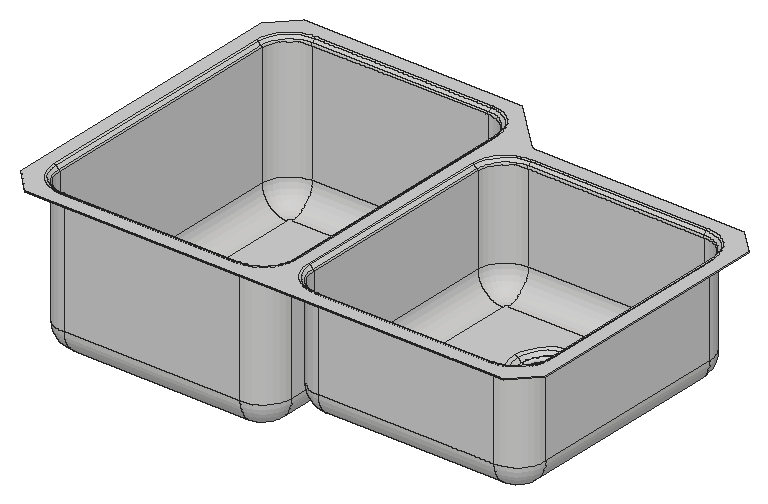
Revit family "Sink-Undermount-Kitchen-KOHLER-Undertone-K-3177", category Plumbing Fixtures, host Face, Revit 2017 (continued)
Definition of nested family "K-3177"
  Lines and regions (in)
    symbolic lines, detail levels medium+fine
      curve 48: arc (-8.96645, 1.76136, 0) -> (-8.87157, 1.66648, 0) -> (-8.77669, 1.76136, 0) r 0.09488
      curve 49: arc (-8.68028, 2.02623, 0) -> (-8.77516, 2.12112, 0) -> (-8.87004, 2.02623, 0) r 0.09488
      curve 50: arc (-8.87004, 2.02623, 0) -> (-8.77516, 1.93135, 0) -> (-8.68028, 2.02623, 0) r 0.09488
      curve 51: arc (-8.30282, 2.03569, 0) -> (-8.3977, 2.13057, 0) -> (-8.49259, 2.03569, 0) r 0.09488
      curve 52: arc (-8.49259, 2.03569, 0) -> (-8.3977, 1.9408, 0) -> (-8.30282, 2.03569, 0) r 0.09488
      curve 53: arc (-8.09234, 2.24616, 0) -> (-8.18723, 2.34105, 0) -> (-8.28211, 2.24616, 0) r 0.09488
      curve 54: arc (-8.28211, 2.24616, 0) -> (-8.18723, 2.15128, 0) -> (-8.09234, 2.24616, 0) r 0.09488
      curve 55: arc (-8.43307, 1.76864, 0) -> (-8.52796, 1.86353, 0) -> (-8.62284, 1.76864, 0) r 0.09488
      curve 56: arc (-8.62284, 1.76864, 0) -> (-8.52796, 1.67376, 0) -> (-8.43307, 1.76864, 0) r 0.09488
      curve 57: arc (-7.82972, 2.3837, 0) -> (-7.9246, 2.47858, 0) -> (-8.01948, 2.3837, 0) r 0.09488
      curve 58: arc (-8.01948, 2.3837, 0) -> (-7.9246, 2.28882, 0) -> (-7.82972, 2.3837, 0) r 0.09488
      curve 59: arc (-7.53012, 2.43, 0) -> (-7.625, 2.52488, 0) -> (-7.71988, 2.43, 0) r 0.09488
      curve 60: arc (-7.71988, 2.43, 0) -> (-7.625, 2.33512, 0) -> (-7.53012, 2.43, 0) r 0.09488
      curve 61: arc (-7.53012, 2.09695, 0) -> (-7.625, 2.19184, 0) -> (-7.71988, 2.09695, 0) r 0.09488
      curve 62: arc (-7.71988, 2.09695, 0) -> (-7.625, 2.00207, 0) -> (-7.53012, 2.09695, 0) r 0.09488
      curve 63: arc (-7.84216, 2.01334, 0) -> (-7.93704, 2.10823, 0) -> (-8.03192, 2.01334, 0) r 0.09488
      curve 64: arc (-8.03192, 2.01334, 0) -> (-7.93704, 1.91846, 0) -> (-7.84216, 2.01334, 0) r 0.09488
      curve 65: arc (-8.26132, 1.78395, 0) -> (-8.16644, 1.68906, 0) -> (-8.07156, 1.78395, 0) r 0.09488
      curve 66: arc (-8.07156, 1.78395, 0) -> (-8.16644, 1.87883, 0) -> (-8.26132, 1.78395, 0) r 0.09488
      curve 67: arc (-8.34497, 1.47176, 0) -> (-8.25009, 1.37688, 0) -> (-8.15521, 1.47176, 0) r 0.09488
      curve 68: arc (-8.15521, 1.47176, 0) -> (-8.25009, 1.56664, 0) -> (-8.34497, 1.47176, 0) r 0.09488
      curve 69: arc (-8.48489, 1.46953, 0) -> (-8.57977, 1.56441, 0) -> (-8.67465, 1.46953, 0) r 0.09488
      curve 70: arc (-8.67465, 1.46953, 0) -> (-8.57977, 1.37465, 0) -> (-8.48489, 1.46953, 0) r 0.09488
      curve 71: arc (-9.00228, 1.46953, 0) -> (-8.9074, 1.37465, 0) -> (-8.81252, 1.46953, 0) r 0.09488
      curve 72: arc (-8.81252, 1.46953, 0) -> (-8.9074, 1.56441, 0) -> (-9.00228, 1.46953, 0) r 0.09488
      curve 73: arc (-6.9755, 2.62587, 0) -> (-7.07039, 2.53098, 0) -> (-7.16527, 2.62587, 0) r 0.09488
      curve 74: arc (-7.16527, 2.62587, 0) -> (-7.07039, 2.72075, 0) -> (-6.9755, 2.62587, 0) r 0.09488
      curve 75: arc (-7.4335, 2.72349, 0) -> (-7.33862, 2.81838, 0) -> (-7.24373, 2.72349, 0) r 0.09488
      curve 76: arc (-7.24373, 2.72349, 0) -> (-7.33862, 2.62861, 0) -> (-7.4335, 2.72349, 0) r 0.09488
      curve 77: arc (-6.91574, 2.46994, 0) -> (-6.82086, 2.56482, 0) -> (-6.72597, 2.46994, 0) r 0.09488
      curve 78: arc (-6.72597, 2.46994, 0) -> (-6.82086, 2.37506, 0) -> (-6.91574, 2.46994, 0) r 0.09488
      curve 79: arc (-6.71678, 2.27099, 0) -> (-6.6219, 2.36587, 0) -> (-6.52702, 2.27099, 0) r 0.09488
      curve 80: arc (-6.52702, 2.27099, 0) -> (-6.6219, 2.1761, 0) -> (-6.71678, 2.27099, 0) r 0.09488
      curve 81: arc (-6.47331, 1.76136, 0) -> (-6.37843, 1.85624, 0) -> (-6.28355, 1.76136, 0) r 0.09488
      curve 82: arc (-6.28355, 1.76136, 0) -> (-6.37843, 1.66648, 0) -> (-6.47331, 1.76136, 0) r 0.09488
      curve 83: arc (-6.56972, 2.02623, 0) -> (-6.47484, 2.12112, 0) -> (-6.37996, 2.02623, 0) r 0.09488
      curve 84: arc (-6.37996, 2.02623, 0) -> (-6.47484, 1.93135, 0) -> (-6.56972, 2.02623, 0) r 0.09488
      curve 85: arc (-6.94718, 2.03569, 0) -> (-6.8523, 2.13057, 0) -> (-6.75741, 2.03569, 0) r 0.09488
      curve 86: arc (-6.75741, 2.03569, 0) -> (-6.8523, 1.9408, 0) -> (-6.94718, 2.03569, 0) r 0.09488
      curve 87: arc (-7.15766, 2.24616, 0) -> (-7.06277, 2.34105, 0) -> (-6.96789, 2.24616, 0) r 0.09488
      curve 88: arc (-6.96789, 2.24616, 0) -> (-7.06277, 2.15128, 0) -> (-7.15766, 2.24616, 0) r 0.09488
      curve 89: arc (-6.81693, 1.76864, 0) -> (-6.72204, 1.86353, 0) -> (-6.62716, 1.76864, 0) r 0.09488
      curve 90: arc (-6.62716, 1.76864, 0) -> (-6.72204, 1.67376, 0) -> (-6.81693, 1.76864, 0) r 0.09488
      curve 91: arc (-7.42028, 2.3837, 0) -> (-7.3254, 2.47858, 0) -> (-7.23052, 2.3837, 0) r 0.09488
      curve 92: arc (-7.23052, 2.3837, 0) -> (-7.3254, 2.28882, 0) -> (-7.42028, 2.3837, 0) r 0.09488
      curve 93: arc (-7.40784, 2.01334, 0) -> (-7.31296, 2.10823, 0) -> (-7.21808, 2.01334, 0) r 0.09488
      curve 94: arc (-7.21808, 2.01334, 0) -> (-7.31296, 1.91846, 0) -> (-7.40784, 2.01334, 0) r 0.09488
      curve 95: arc (-6.98868, 1.78395, 0) -> (-7.08356, 1.68906, 0) -> (-7.17844, 1.78395, 0) r 0.09488
      curve 96: arc (-7.17844, 1.78395, 0) -> (-7.08356, 1.87883, 0) -> (-6.98868, 1.78395, 0) r 0.09488
      curve 97: arc (-6.90503, 1.47176, 0) -> (-6.99991, 1.37688, 0) -> (-7.09479, 1.47176, 0) r 0.09488
      curve 98: arc (-7.09479, 1.47176, 0) -> (-6.99991, 1.56664, 0) -> (-6.90503, 1.47176, 0) r 0.09488
      curve 99: arc (-6.76511, 1.46953, 0) -> (-6.67023, 1.56441, 0) -> (-6.57535, 1.46953, 0) r 0.09488
      curve 100: arc (-6.57535, 1.46953, 0) -> (-6.67023, 1.37465, 0) -> (-6.76511, 1.46953, 0) r 0.09488
      curve 101: arc (-6.24772, 1.46953, 0) -> (-6.3426, 1.37465, 0) -> (-6.43748, 1.46953, 0) r 0.09488
      curve 102: arc (-6.43748, 1.46953, 0) -> (-6.3426, 1.56441, 0) -> (-6.24772, 1.46953, 0) r 0.09488
      curve 103: arc (-8.2745, 0.24913, 0) -> (-8.17961, 0.34402, 0) -> (-8.08473, 0.24913, 0) r 0.09488
      curve 104: arc (-8.08473, 0.24913, 0) -> (-8.17961, 0.15425, 0) -> (-8.2745, 0.24913, 0) r 0.09488
      curve 105: arc (-7.8165, 0.15151, 0) -> (-7.91138, 0.05662, 0) -> (-8.00627, 0.15151, 0) r 0.09488
      curve 106: arc (-8.00627, 0.15151, 0) -> (-7.91138, 0.24639, 0) -> (-7.8165, 0.15151, 0) r 0.09488
      curve 107: arc (-7.5311, 0.12151, 0) -> (-7.62598, 0.02663, 0) -> (-7.72087, 0.12151, 0) r 0.09488
      curve 108: arc (-7.72087, 0.12151, 0) -> (-7.62598, 0.21639, 0) -> (-7.5311, 0.12151, 0) r 0.09488
      curve 109: arc (-8.33426, 0.40506, 0) -> (-8.42914, 0.31018, 0) -> (-8.52403, 0.40506, 0) r 0.09488
      curve 110: arc (-8.52403, 0.40506, 0) -> (-8.42914, 0.49994, 0) -> (-8.33426, 0.40506, 0) r 0.09488
      curve 111: arc (-8.53322, 0.60401, 0) -> (-8.6281, 0.50913, 0) -> (-8.72298, 0.60401, 0) r 0.09488
      curve 112: arc (-8.72298, 0.60401, 0) -> (-8.6281, 0.6989, 0) -> (-8.53322, 0.60401, 0) r 0.09488
      curve 113: arc (-8.77669, 1.11364, 0) -> (-8.87157, 1.01876, 0) -> (-8.96645, 1.11364, 0) r 0.09488
      curve 114: arc (-8.96645, 1.11364, 0) -> (-8.87157, 1.20852, 0) -> (-8.77669, 1.11364, 0) r 0.09488
      curve 115: arc (-8.68028, 0.84877, 0) -> (-8.77516, 0.75388, 0) -> (-8.87004, 0.84877, 0) r 0.09488
      curve 116: arc (-8.87004, 0.84877, 0) -> (-8.77516, 0.94365, 0) -> (-8.68028, 0.84877, 0) r 0.09488
      curve 117: arc (-8.30282, 0.83931, 0) -> (-8.3977, 0.74443, 0) -> (-8.49259, 0.83931, 0) r 0.09488
      curve 118: arc (-8.49259, 0.83931, 0) -> (-8.3977, 0.9342, 0) -> (-8.30282, 0.83931, 0) r 0.09488
      curve 119: arc (-8.09234, 0.62884, 0) -> (-8.18723, 0.53395, 0) -> (-8.28211, 0.62884, 0) r 0.09488
      curve 120: arc (-8.28211, 0.62884, 0) -> (-8.18723, 0.72372, 0) -> (-8.09234, 0.62884, 0) r 0.09488
      curve 121: arc (-8.43307, 1.10636, 0) -> (-8.52796, 1.01147, 0) -> (-8.62284, 1.10636, 0) r 0.09488
      curve 122: arc (-8.62284, 1.10636, 0) -> (-8.52796, 1.20124, 0) -> (-8.43307, 1.10636, 0) r 0.09488
      curve 123: arc (-7.82972, 0.4913, 0) -> (-7.9246, 0.39642, 0) -> (-8.01948, 0.4913, 0) r 0.09488
      curve 124: arc (-8.01948, 0.4913, 0) -> (-7.9246, 0.58618, 0) -> (-7.82972, 0.4913, 0) r 0.09488
      curve 125: arc (-7.53012, 0.445, 0) -> (-7.625, 0.35012, 0) -> (-7.71988, 0.445, 0) r 0.09488
      curve 126: arc (-7.71988, 0.445, 0) -> (-7.625, 0.53988, 0) -> (-7.53012, 0.445, 0) r 0.09488
      curve 127: arc (-7.53012, 0.77805, 0) -> (-7.625, 0.68316, 0) -> (-7.71988, 0.77805, 0) r 0.09488
      curve 128: arc (-7.71988, 0.77805, 0) -> (-7.625, 0.87293, 0) -> (-7.53012, 0.77805, 0) r 0.09488
      curve 129: arc (-7.84216, 0.86166, 0) -> (-7.93704, 0.76677, 0) -> (-8.03192, 0.86166, 0) r 0.09488
      curve 130: arc (-8.03192, 0.86166, 0) -> (-7.93704, 0.95654, 0) -> (-7.84216, 0.86166, 0) r 0.09488
      curve 131: arc (-8.26132, 1.09105, 0) -> (-8.16644, 1.18594, 0) -> (-8.07156, 1.09105, 0) r 0.09488
      curve 132: arc (-8.07156, 1.09105, 0) -> (-8.16644, 0.99617, 0) -> (-8.26132, 1.09105, 0) r 0.09488
      curve 133: arc (-6.9755, 0.24913, 0) -> (-7.07039, 0.34402, 0) -> (-7.16527, 0.24913, 0) r 0.09488
      curve 134: arc (-7.16527, 0.24913, 0) -> (-7.07039, 0.15425, 0) -> (-6.9755, 0.24913, 0) r 0.09488
      curve 135: arc (-7.4335, 0.15151, 0) -> (-7.33862, 0.05662, 0) -> (-7.24373, 0.15151, 0) r 0.09488
      curve 136: arc (-7.24373, 0.15151, 0) -> (-7.33862, 0.24639, 0) -> (-7.4335, 0.15151, 0) r 0.09488
      curve 137: arc (-6.91574, 0.40506, 0) -> (-6.82086, 0.31018, 0) -> (-6.72597, 0.40506, 0) r 0.09488
      curve 138: arc (-6.72597, 0.40506, 0) -> (-6.82086, 0.49994, 0) -> (-6.91574, 0.40506, 0) r 0.09488
      curve 139: arc (-6.71678, 0.60401, 0) -> (-6.6219, 0.50913, 0) -> (-6.52702, 0.60401, 0) r 0.09488
      curve 140: arc (-6.52702, 0.60401, 0) -> (-6.6219, 0.6989, 0) -> (-6.71678, 0.60401, 0) r 0.09488
      curve 141: arc (-6.47331, 1.11364, 0) -> (-6.37843, 1.01876, 0) -> (-6.28355, 1.11364, 0) r 0.09488
      curve 142: arc (-6.28355, 1.11364, 0) -> (-6.37843, 1.20852, 0) -> (-6.47331, 1.11364, 0) r 0.09488
      curve 143: arc (-6.56972, 0.84877, 0) -> (-6.47484, 0.75388, 0) -> (-6.37996, 0.84877, 0) r 0.09488
      curve 144: arc (-6.37996, 0.84877, 0) -> (-6.47484, 0.94365, 0) -> (-6.56972, 0.84877, 0) r 0.09488
      curve 145: arc (-6.94718, 0.83931, 0) -> (-6.8523, 0.74443, 0) -> (-6.75741, 0.83931, 0) r 0.09488
      curve 146: arc (-6.75741, 0.83931, 0) -> (-6.8523, 0.9342, 0) -> (-6.94718, 0.83931, 0) r 0.09488
      curve 147: arc (-7.15766, 0.62884, 0) -> (-7.06277, 0.53395, 0) -> (-6.96789, 0.62884, 0) r 0.09488
      curve 148: arc (-6.96789, 0.62884, 0) -> (-7.06277, 0.72372, 0) -> (-7.15766, 0.62884, 0) r 0.09488
      curve 149: arc (-6.81693, 1.10636, 0) -> (-6.72204, 1.01147, 0) -> (-6.62716, 1.10636, 0) r 0.09488
      curve 150: arc (-6.62716, 1.10636, 0) -> (-6.72204, 1.20124, 0) -> (-6.81693, 1.10636, 0) r 0.09488
      curve 151: arc (-7.42028, 0.4913, 0) -> (-7.3254, 0.39642, 0) -> (-7.23052, 0.4913, 0) r 0.09488
      curve 152: arc (-7.23052, 0.4913, 0) -> (-7.3254, 0.58618, 0) -> (-7.42028, 0.4913, 0) r 0.09488
      curve 153: arc (-7.40784, 0.86166, 0) -> (-7.31296, 0.76677, 0) -> (-7.21808, 0.86166, 0) r 0.09488
      curve 154: arc (-7.21808, 0.86166, 0) -> (-7.31296, 0.95654, 0) -> (-7.40784, 0.86166, 0) r 0.09488
      curve 155: arc (-6.98868, 1.09105, 0) -> (-7.08356, 1.18594, 0) -> (-7.17844, 1.09105, 0) r 0.09488
      curve 156: arc (-7.17844, 1.09105, 0) -> (-7.08356, 0.99617, 0) -> (-6.98868, 1.09105, 0) r 0.09488
      curve 158: arc (9.30904, 1.4375, 0) -> (7.625, 3.12154, 0) -> (5.94096, 1.4375, 0) r 1.68404
      curve 160: arc (5.94096, 1.4375, 0) -> (7.625, -0.24654, 0) -> (9.30904, 1.4375, 0) r 1.68404
      curve 161: arc (6.9755, 2.62587, 0) -> (7.07039, 2.53098, 0) -> (7.16527, 2.62587, 0) r 0.09488
      curve 162: arc (7.16527, 2.62587, 0) -> (7.07039, 2.72075, 0) -> (6.9755, 2.62587, 0) r 0.09488
      curve 163: arc (7.4335, 2.72349, 0) -> (7.33862, 2.81838, 0) -> (7.24373, 2.72349, 0) r 0.09488
      curve 164: arc (7.24373, 2.72349, 0) -> (7.33862, 2.62861, 0) -> (7.4335, 2.72349, 0) r 0.09488
      curve 165: arc (7.7189, 2.75349, 0) -> (7.62402, 2.84837, 0) -> (7.52913, 2.75349, 0) r 0.09488
      curve 166: arc (7.52913, 2.75349, 0) -> (7.62402, 2.65861, 0) -> (7.7189, 2.75349, 0) r 0.09488
      curve 167: arc (6.91574, 2.46994, 0) -> (6.82086, 2.56482, 0) -> (6.72597, 2.46994, 0) r 0.09488
      curve 168: arc (6.72597, 2.46994, 0) -> (6.82086, 2.37506, 0) -> (6.91574, 2.46994, 0) r 0.09488
      curve 169: arc (6.71678, 2.27099, 0) -> (6.6219, 2.36587, 0) -> (6.52702, 2.27099, 0) r 0.09488
      curve 170: arc (6.52702, 2.27099, 0) -> (6.6219, 2.1761, 0) -> (6.71678, 2.27099, 0) r 0.09488
      curve 171: arc (6.47331, 1.76136, 0) -> (6.37843, 1.85624, 0) -> (6.28355, 1.76136, 0) r 0.09488
      curve 172: arc (6.28355, 1.76136, 0) -> (6.37843, 1.66648, 0) -> (6.47331, 1.76136, 0) r 0.09488
      curve 173: arc (6.56972, 2.02623, 0) -> (6.47484, 2.12112, 0) -> (6.37996, 2.02623, 0) r 0.09488
      curve 174: arc (6.37996, 2.02623, 0) -> (6.47484, 1.93135, 0) -> (6.56972, 2.02623, 0) r 0.09488
      curve 175: arc (6.94718, 2.03569, 0) -> (6.8523, 2.13057, 0) -> (6.75741, 2.03569, 0) r 0.09488
      curve 176: arc (6.75741, 2.03569, 0) -> (6.8523, 1.9408, 0) -> (6.94718, 2.03569, 0) r 0.09488
      curve 177: arc (7.15766, 2.24616, 0) -> (7.06277, 2.34105, 0) -> (6.96789, 2.24616, 0) r 0.09488
      curve 178: arc (6.96789, 2.24616, 0) -> (7.06277, 2.15128, 0) -> (7.15766, 2.24616, 0) r 0.09488
      curve 179: arc (6.81693, 1.76864, 0) -> (6.72204, 1.86353, 0) -> (6.62716, 1.76864, 0) r 0.09488
      curve 180: arc (6.62716, 1.76864, 0) -> (6.72204, 1.67376, 0) -> (6.81693, 1.76864, 0) r 0.09488
      curve 181: arc (7.42028, 2.3837, 0) -> (7.3254, 2.47858, 0) -> (7.23052, 2.3837, 0) r 0.09488
      curve 182: arc (7.23052, 2.3837, 0) -> (7.3254, 2.28882, 0) -> (7.42028, 2.3837, 0) r 0.09488
      curve 183: arc (7.71988, 2.43, 0) -> (7.625, 2.52488, 0) -> (7.53012, 2.43, 0) r 0.09488
      curve 184: arc (7.53012, 2.43, 0) -> (7.625, 2.33512, 0) -> (7.71988, 2.43, 0) r 0.09488
      curve 185: arc (7.71988, 2.09695, 0) -> (7.625, 2.19184, 0) -> (7.53012, 2.09695, 0) r 0.09488
      curve 186: arc (7.53012, 2.09695, 0) -> (7.625, 2.00207, 0) -> (7.71988, 2.09695, 0) r 0.09488
      curve 187: arc (7.40784, 2.01334, 0) -> (7.31296, 2.10823, 0) -> (7.21808, 2.01334, 0) r 0.09488
      curve 188: arc (7.21808, 2.01334, 0) -> (7.31296, 1.91846, 0) -> (7.40784, 2.01334, 0) r 0.09488
      curve 189: arc (6.98868, 1.78395, 0) -> (7.08356, 1.68906, 0) -> (7.17844, 1.78395, 0) r 0.09488
      curve 190: arc (7.17844, 1.78395, 0) -> (7.08356, 1.87883, 0) -> (6.98868, 1.78395, 0) r 0.09488
      curve 191: arc (6.90503, 1.47176, 0) -> (6.99991, 1.37688, 0) -> (7.09479, 1.47176, 0) r 0.09488
      curve 192: arc (7.09479, 1.47176, 0) -> (6.99991, 1.56664, 0) -> (6.90503, 1.47176, 0) r 0.09488
      curve 193: arc (6.76511, 1.46953, 0) -> (6.67023, 1.56441, 0) -> (6.57535, 1.46953, 0) r 0.09488
      curve 194: arc (6.57535, 1.46953, 0) -> (6.67023, 1.37465, 0) -> (6.76511, 1.46953, 0) r 0.09488
      curve 195: arc (6.24772, 1.46953, 0) -> (6.3426, 1.37465, 0) -> (6.43748, 1.46953, 0) r 0.09488
      curve 196: arc (6.43748, 1.46953, 0) -> (6.3426, 1.56441, 0) -> (6.24772, 1.46953, 0) r 0.09488
      curve 197: arc (8.2745, 2.62587, 0) -> (8.17961, 2.53098, 0) -> (8.08473, 2.62587, 0) r 0.09488
      curve 198: arc (8.08473, 2.62587, 0) -> (8.17961, 2.72075, 0) -> (8.2745, 2.62587, 0) r 0.09488
      curve 199: arc (7.8165, 2.72349, 0) -> (7.91138, 2.81838, 0) -> (8.00627, 2.72349, 0) r 0.09488
      curve 200: arc (8.00627, 2.72349, 0) -> (7.91138, 2.62861, 0) -> (7.8165, 2.72349, 0) r 0.09488
      curve 201: arc (8.33426, 2.46994, 0) -> (8.42914, 2.56482, 0) -> (8.52403, 2.46994, 0) r 0.09488
      curve 202: arc (8.52403, 2.46994, 0) -> (8.42914, 2.37506, 0) -> (8.33426, 2.46994, 0) r 0.09488
      curve 203: arc (8.53322, 2.27099, 0) -> (8.6281, 2.36587, 0) -> (8.72298, 2.27099, 0) r 0.09488
      curve 204: arc (8.72298, 2.27099, 0) -> (8.6281, 2.1761, 0) -> (8.53322, 2.27099, 0) r 0.09488
      curve 205: arc (8.77669, 1.76136, 0) -> (8.87157, 1.85624, 0) -> (8.96645, 1.76136, 0) r 0.09488
      curve 206: arc (8.96645, 1.76136, 0) -> (8.87157, 1.66648, 0) -> (8.77669, 1.76136, 0) r 0.09488
      curve 207: arc (8.68028, 2.02623, 0) -> (8.77516, 2.12112, 0) -> (8.87004, 2.02623, 0) r 0.09488
      curve 208: arc (8.87004, 2.02623, 0) -> (8.77516, 1.93135, 0) -> (8.68028, 2.02623, 0) r 0.09488
      curve 209: arc (8.30282, 2.03569, 0) -> (8.3977, 2.13057, 0) -> (8.49259, 2.03569, 0) r 0.09488
      curve 210: arc (8.49259, 2.03569, 0) -> (8.3977, 1.9408, 0) -> (8.30282, 2.03569, 0) r 0.09488
      curve 211: arc (8.09234, 2.24616, 0) -> (8.18723, 2.34105, 0) -> (8.28211, 2.24616, 0) r 0.09488
      curve 212: arc (8.28211, 2.24616, 0) -> (8.18723, 2.15128, 0) -> (8.09234, 2.24616, 0) r 0.09488
      curve 213: arc (8.43307, 1.76864, 0) -> (8.52796, 1.86353, 0) -> (8.62284, 1.76864, 0) r 0.09488
      curve 214: arc (8.62284, 1.76864, 0) -> (8.52796, 1.67376, 0) -> (8.43307, 1.76864, 0) r 0.09488
      curve 215: arc (7.82972, 2.3837, 0) -> (7.9246, 2.47858, 0) -> (8.01948, 2.3837, 0) r 0.09488
      curve 216: arc (8.01948, 2.3837, 0) -> (7.9246, 2.28882, 0) -> (7.82972, 2.3837, 0) r 0.09488
      curve 217: arc (7.84216, 2.01334, 0) -> (7.93704, 2.10823, 0) -> (8.03192, 2.01334, 0) r 0.09488
      curve 218: arc (8.03192, 2.01334, 0) -> (7.93704, 1.91846, 0) -> (7.84216, 2.01334, 0) r 0.09488
      curve 219: arc (8.26132, 1.78395, 0) -> (8.16644, 1.68906, 0) -> (8.07156, 1.78395, 0) r 0.09488
      curve 220: arc (8.07156, 1.78395, 0) -> (8.16644, 1.87883, 0) -> (8.26132, 1.78395, 0) r 0.09488
      curve 221: arc (8.34497, 1.47176, 0) -> (8.25009, 1.37688, 0) -> (8.15521, 1.47176, 0) r 0.09488
      curve 222: arc (8.15521, 1.47176, 0) -> (8.25009, 1.56664, 0) -> (8.34497, 1.47176, 0) r 0.09488
      curve 223: arc (8.48489, 1.46953, 0) -> (8.57977, 1.56441, 0) -> (8.67465, 1.46953, 0) r 0.09488
      curve 224: arc (8.67465, 1.46953, 0) -> (8.57977, 1.37465, 0) -> (8.48489, 1.46953, 0) r 0.09488
      curve 225: arc (9.00228, 1.46953, 0) -> (8.9074, 1.37465, 0) -> (8.81252, 1.46953, 0) r 0.09488
      curve 226: arc (8.81252, 1.46953, 0) -> (8.9074, 1.56441, 0) -> (9.00228, 1.46953, 0) r 0.09488
      curve 227: arc (6.9755, 0.24913, 0) -> (7.07039, 0.34402, 0) -> (7.16527, 0.24913, 0) r 0.09488
      curve 228: arc (7.16527, 0.24913, 0) -> (7.07039, 0.15425, 0) -> (6.9755, 0.24913, 0) r 0.09488
      curve 229: arc (7.4335, 0.15151, 0) -> (7.33862, 0.05662, 0) -> (7.24373, 0.15151, 0) r 0.09488
      curve 230: arc (7.24373, 0.15151, 0) -> (7.33862, 0.24639, 0) -> (7.4335, 0.15151, 0) r 0.09488
      curve 231: arc (7.7189, 0.12151, 0) -> (7.62402, 0.02663, 0) -> (7.52913, 0.12151, 0) r 0.09488
      curve 232: arc (7.52913, 0.12151, 0) -> (7.62402, 0.21639, 0) -> (7.7189, 0.12151, 0) r 0.09488
      curve 233: arc (6.91574, 0.40506, 0) -> (6.82086, 0.31018, 0) -> (6.72597, 0.40506, 0) r 0.09488
      curve 234: arc (6.72597, 0.40506, 0) -> (6.82086, 0.49994, 0) -> (6.91574, 0.40506, 0) r 0.09488
      curve 235: arc (6.71678, 0.60401, 0) -> (6.6219, 0.50913, 0) -> (6.52702, 0.60401, 0) r 0.09488
      curve 236: arc (6.52702, 0.60401, 0) -> (6.6219, 0.6989, 0) -> (6.71678, 0.60401, 0) r 0.09488
      curve 237: arc (6.47331, 1.11364, 0) -> (6.37843, 1.01876, 0) -> (6.28355, 1.11364, 0) r 0.09488
      curve 238: arc (6.28355, 1.11364, 0) -> (6.37843, 1.20852, 0) -> (6.47331, 1.11364, 0) r 0.09488
      curve 239: arc (6.56972, 0.84877, 0) -> (6.47484, 0.75388, 0) -> (6.37996, 0.84877, 0) r 0.09488
      curve 240: arc (6.37996, 0.84877, 0) -> (6.47484, 0.94365, 0) -> (6.56972, 0.84877, 0) r 0.09488
      curve 241: arc (6.94718, 0.83931, 0) -> (6.8523, 0.74443, 0) -> (6.75741, 0.83931, 0) r 0.09488
      curve 242: arc (6.75741, 0.83931, 0) -> (6.8523, 0.9342, 0) -> (6.94718, 0.83931, 0) r 0.09488
      curve 243: arc (7.15766, 0.62884, 0) -> (7.06277, 0.53395, 0) -> (6.96789, 0.62884, 0) r 0.09488
      curve 244: arc (6.96789, 0.62884, 0) -> (7.06277, 0.72372, 0) -> (7.15766, 0.62884, 0) r 0.09488
      curve 245: arc (6.81693, 1.10636, 0) -> (6.72204, 1.01147, 0) -> (6.62716, 1.10636, 0) r 0.09488
      curve 246: arc (6.62716, 1.10636, 0) -> (6.72204, 1.20124, 0) -> (6.81693, 1.10636, 0) r 0.09488
      curve 247: arc (7.42028, 0.4913, 0) -> (7.3254, 0.39642, 0) -> (7.23052, 0.4913, 0) r 0.09488
      curve 248: arc (7.23052, 0.4913, 0) -> (7.3254, 0.58618, 0) -> (7.42028, 0.4913, 0) r 0.09488
      curve 249: arc (7.71988, 0.445, 0) -> (7.625, 0.35012, 0) -> (7.53012, 0.445, 0) r 0.09488
      curve 250: arc (7.53012, 0.445, 0) -> (7.625, 0.53988, 0) -> (7.71988, 0.445, 0) r 0.09488
      curve 251: arc (7.71988, 0.77805, 0) -> (7.625, 0.68316, 0) -> (7.53012, 0.77805, 0) r 0.09488
      curve 252: arc (7.53012, 0.77805, 0) -> (7.625, 0.87293, 0) -> (7.71988, 0.77805, 0) r 0.09488
      curve 253: arc (7.40784, 0.86166, 0) -> (7.31296, 0.76677, 0) -> (7.21808, 0.86166, 0) r 0.09488
      curve 254: arc (7.21808, 0.86166, 0) -> (7.31296, 0.95654, 0) -> (7.40784, 0.86166, 0) r 0.09488
      curve 255: arc (6.98868, 1.09105, 0) -> (7.08356, 1.18594, 0) -> (7.17844, 1.09105, 0) r 0.09488
      curve 256: arc (7.17844, 1.09105, 0) -> (7.08356, 0.99617, 0) -> (6.98868, 1.09105, 0) r 0.09488
      curve 257: arc (8.2745, 0.24913, 0) -> (8.17961, 0.34402, 0) -> (8.08473, 0.24913, 0) r 0.09488
      curve 258: arc (8.08473, 0.24913, 0) -> (8.17961, 0.15425, 0) -> (8.2745, 0.24913, 0) r 0.09488
      curve 259: arc (7.8165, 0.15151, 0) -> (7.91138, 0.05662, 0) -> (8.00627, 0.15151, 0) r 0.09488
      curve 260: arc (8.00627, 0.15151, 0) -> (7.91138, 0.24639, 0) -> (7.8165, 0.15151, 0) r 0.09488
      curve 261: arc (8.33426, 0.40506, 0) -> (8.42914, 0.31018, 0) -> (8.52403, 0.40506, 0) r 0.09488
      curve 262: arc (8.52403, 0.40506, 0) -> (8.42914, 0.49994, 0) -> (8.33426, 0.40506, 0) r 0.09488
      curve 263: arc (8.53322, 0.60401, 0) -> (8.6281, 0.50913, 0) -> (8.72298, 0.60401, 0) r 0.09488
      curve 264: arc (8.72298, 0.60401, 0) -> (8.6281, 0.6989, 0) -> (8.53322, 0.60401, 0) r 0.09488
      curve 265: arc (8.77669, 1.11364, 0) -> (8.87157, 1.01876, 0) -> (8.96645, 1.11364, 0) r 0.09488
      curve 266: arc (8.96645, 1.11364, 0) -> (8.87157, 1.20852, 0) -> (8.77669, 1.11364, 0) r 0.09488
      curve 267: arc (8.68028, 0.84877, 0) -> (8.77516, 0.75388, 0) -> (8.87004, 0.84877, 0) r 0.09488
      curve 268: arc (8.87004, 0.84877, 0) -> (8.77516, 0.94365, 0) -> (8.68028, 0.84877, 0) r 0.09488
      curve 269: arc (8.30282, 0.83931, 0) -> (8.3977, 0.74443, 0) -> (8.49259, 0.83931, 0) r 0.09488
      curve 270: arc (8.49259, 0.83931, 0) -> (8.3977, 0.9342, 0) -> (8.30282, 0.83931, 0) r 0.09488
      curve 271: arc (8.09234, 0.62884, 0) -> (8.18723, 0.53395, 0) -> (8.28211, 0.62884, 0) r 0.09488
      curve 272: arc (8.28211, 0.62884, 0) -> (8.18723, 0.72372, 0) -> (8.09234, 0.62884, 0) r 0.09488
      curve 273: arc (8.43307, 1.10636, 0) -> (8.52796, 1.01147, 0) -> (8.62284, 1.10636, 0) r 0.09488
      curve 274: arc (8.62284, 1.10636, 0) -> (8.52796, 1.20124, 0) -> (8.43307, 1.10636, 0) r 0.09488
      curve 275: arc (7.82972, 0.4913, 0) -> (7.9246, 0.39642, 0) -> (8.01948, 0.4913, 0) r 0.09488
      curve 276: arc (8.01948, 0.4913, 0) -> (7.9246, 0.58618, 0) -> (7.82972, 0.4913, 0) r 0.09488
      curve 277: arc (7.84216, 0.86166, 0) -> (7.93704, 0.76677, 0) -> (8.03192, 0.86166, 0) r 0.09488
      curve 278: arc (8.03192, 0.86166, 0) -> (7.93704, 0.95654, 0) -> (7.84216, 0.86166, 0) r 0.09488
      curve 279: arc (8.26132, 1.09105, 0) -> (8.16644, 1.18594, 0) -> (8.07156, 1.09105, 0) r 0.09488
      curve 280: arc (8.07156, 1.09105, 0) -> (8.16644, 0.99617, 0) -> (8.26132, 1.09105, 0) r 0.09488
      curve 281: line (0, 2.34971, -12.962) -> (0, 0.52529, -12.962)
      curve 282: line (0, 2.37616, -12.79001) -> (0, 0.49884, -12.79001)
      curve 283: line (0, 2.31934, -12.82833) -> (0, 0.55566, -12.82833)
      curve 284: line (0, 2.3187, -12.90541) -> (0, 0.5563, -12.90541)
      curve 285: line (0, 3.29034, -11.762) -> (0, -0.34503, -11.762)
      curve 286: line (0, 3.29034, -11.462) -> (0, -0.45966, -11.462)
      curve 287: line (0, 3.04303, -11.99974) -> (0, 3.04303, -11.762)
      curve 288: line (0, -0.09772, -12.02815) -> (0, -0.09772, -11.762)
      curve 289: line (0, 3.29034, -12.137) -> (0, 3.04329, -12.137)
      curve 290: line (0, -0.34345, -12.137) -> (0, -0.09772, -12.137)
      curve 291: line (0, 3.12154, -11.24388) -> (0, -0.24654, -11.24388)
      curve 292: line (0, 3.12154, -11.12388) -> (0, -0.24654, -11.12388)
      curve 293: line (0, 3.12154, -10.86825) -> (0, -0.24654, -10.86825)
      curve 294: line (0, 3.12154, -10.74325) -> (0, -0.24654, -10.74325)
      curve 295: line (0, 3.12154, -10.5) -> (0, -0.24654, -10.5)
      curve 296: line (0, 3.04329, -11.462) -> (0, 3.04329, -11.41583)
      curve 297: line (0, 3.04329, -11.41583) -> (0, 3.07211, -11.387)
      curve 298: line (0, 3.07211, -11.387) -> (0, 3.12154, -11.387)
      curve 299: line (0, -0.24654, -11.387) -> (0, -0.12522, -11.387)
      curve 300: line (0, -0.12522, -11.387) -> (0, -0.0964, -11.41583)
      curve 301: line (0, -0.0964, -11.41583) -> (0, -0.0964, -11.462)
      curve 302: line (0, -0.34503, -11.41583) -> (0, -0.0964, -11.41583)
      curve 303: line (0, 3.29034, -11.41583) -> (0, 3.04329, -11.41583)
      curve 304: line (0, 3.80651, -10.24703) -> (0, -0.93151, -10.24703)
      curve 305: line (0, 3.04303, -11.88087) -> (0, -0.09772, -11.88087)
      curve 306: line (0, 3.04303, -11.91579) -> (0, -0.09772, -11.91579)
      curve 307: line (0, 2.37616, -12.52502) -> (0, 0.49884, -12.52502)
      curve 308: line (0, 9.58265, -1.048) -> (0, -9.58265, -1.048)
      curve 309: line (0, 9.0375, -1) -> (0, 9.0375, -1.048)
      curve 310: line (0, -9.0425, -1) -> (0, -9.0425, -1.048)
      curve 311: line (-8.53721, 0, -12.962) -> (-6.71279, 0, -12.962)
      curve 312: line (-8.5062, 0, -12.90541) -> (-6.7438, 0, -12.90541)
      curve 313: line (-8.50684, 0, -12.82833) -> (-6.74316, 0, -12.82833)
      curve 314: line (-8.56366, 0, -12.79001) -> (-6.68634, 0, -12.79001)
      curve 315: line (-8.56366, 0, -12.54001) -> (-6.68602, 0, -12.54001)
      curve 316: line (-8.63583, 0, -12.30479) -> (-8.44413, 0, -12.30479)
      curve 317: line (-8.8418, 0, -12.15541) -> (-8.8418, 0, -12.1239)
      curve 318: line (-8.8418, 0, -12.1239) -> (-8.72627, 0, -12.1239)
      curve 319: line (-8.72627, 0, -12.1239) -> (-8.72627, 0, -11.762)
      curve 320: line (-8.47897, 0, -11.762) -> (-8.47897, 0, -12.1239)
      curve 321: line (-8.47897, 0, -12.1239) -> (-8.36318, 0, -12.1239)
      curve 322: line (-8.36318, 0, -12.1239) -> (-8.36318, 0, -12.22384)
      curve 323: arc (-8.36318, 0, -12.22384) -> (-8.38689, 0, -12.28108) -> (-8.44413, 0, -12.30479) r 0.08095
      curve 324: line (-8.72603, 0, -11.462) -> (-8.72603, 0, -11.41583)
      curve 325: line (-8.72603, 0, -11.41583) -> (-8.6972, 0, -11.387)
      curve 326: line (-8.6972, 0, -11.387) -> (-8.5078, 0, -11.387)
      curve 327: line (-8.5078, 0, -11.387) -> (-8.47897, 0, -11.41583)
      curve 328: line (-8.47897, 0, -11.41583) -> (-8.47897, 0, -11.462)
      curve 329: line (-9.30904, 0, -11.762) -> (-5.54647, 0, -11.762)
      curve 330: line (-9.30904, 0, -11.462) -> (-5.54647, 0, -11.462)
      curve 331: line (-9.26478, 0, -11.91579) -> (-8.72627, 0, -11.91579)
      curve 332: line (-8.47897, 0, -11.91525) -> (-5.97897, 0, -11.91525)
      curve 333: line (-5.94096, 0, -11.87153) -> (-8.47897, 0, -11.87153)
      curve 334: line (-9.30904, 0, -11.87153) -> (-8.72627, 0, -11.87153)
      curve 335: line (-8.72603, 0, -11.41583) -> (-8.47897, 0, -11.41583)
      curve 336: line (-5.54647, 0, -12.137) -> (-5.79353, 0, -12.137)
      curve 337: line (-5.54647, 0, -11.41583) -> (-5.79353, 0, -11.41583)
      curve 338: line (-5.94096, 0, -11.24388) -> (-9.30904, 0, -11.24388)
      curve 339: line (-9.30904, 0, -11.12388) -> (-5.94096, 0, -11.12388)
      curve 340: line (-9.30904, 0, -10.86825) -> (-5.94096, 0, -10.86825)
      curve 341: line (-9.30904, 0, -10.74325) -> (-5.94096, 0, -10.74325)
      curve 342: line (-9.30904, 0, -10.5) -> (-5.94096, 0, -10.5)
      curve 343: line (-10.01176, 0, -10.2469) -> (-5.23824, 0, -10.2469)
      curve 344: line (-14.88838, 0, -1.048) -> (-0.36162, 0, -1.048)
      curve 345: line (0.36065, 0, -1.048) -> (14.88935, 0, -1.048)
      curve 346: line (14.35, 0, -1) -> (14.35, 0, -1.048)
      curve 347: line (1.33711, 0, -1) -> (1.33711, 0, -1.048)
      curve 348: line (-1.25, 0, -1) -> (-1.25, 0, -1.048)
      curve 349: line (-14, 0, -1) -> (-14, 0, -1.048)
      curve 350: line (-8.47897, 0, -12.1239) -> (-8.72627, 0, -12.1239)
      curve 351: line (6.71279, 0, -10.96231) -> (8.53721, 0, -10.96231)
      curve 352: line (6.7438, 0, -10.90572) -> (8.5062, 0, -10.90572)
      curve 353: line (6.74316, 0, -10.82864) -> (8.50684, 0, -10.82864)
      curve 354: line (6.68634, 0, -10.79032) -> (8.56366, 0, -10.79032)
      curve 355: line (6.68634, 0, -10.54032) -> (8.56398, 0, -10.54032)
      curve 356: line (5.94096, 0, -9.76231) -> (9.70353, 0, -9.76231)
      curve 357: line (5.94096, 0, -9.46231) -> (9.70353, 0, -9.46231)
      curve 358: line (5.98525, 0, -9.91556) -> (8.47897, 0, -9.91556)
      curve 359: line (9.30904, 0, -9.87184) -> (8.72603, 0, -9.87184)
      curve 360: line (9.30904, 0, -9.24418) -> (5.94096, 0, -9.24418)
      curve 361: line (5.94096, 0, -9.12418) -> (9.30904, 0, -9.12418)
      curve 362: line (5.94096, 0, -8.86856) -> (9.30904, 0, -8.86856)
      curve 363: line (5.94096, 0, -8.74356) -> (9.30904, 0, -8.74356)
      curve 364: line (5.94096, 0, -8.50031) -> (9.30904, 0, -8.50031)
      curve 365: line (5.19115, 0, -8.20464) -> (10.057, 0, -8.20464)
      curve 366: line (5.79353, 0, -9.46231) -> (5.54647, 0, -9.46231)
      curve 367: line (5.79353, 0, -9.76231) -> (5.54647, 0, -9.76231)
      curve 368: line (5.54647, 0, -9.40051) -> (5.79353, 0, -9.40051)
      curve 369: line (5.54647, 0, -10.12138) -> (5.79647, 0, -10.12138)
      curve 370: line (8.64452, 0, -10.28947) -> (8.42717, 0, -10.28947)
      curve 371: line (8.36198, 0, -10.12137) -> (8.36198, 0, -10.22428)
      curve 372: line (8.36198, 0, -10.12137) -> (8.47897, 0, -10.12137)
      curve 373: line (8.47897, 0, -10.12137) -> (8.47897, 0, -9.76231)
      curve 374: line (8.47897, 0, -9.46231) -> (8.47897, 0, -9.4002)
      curve 375: line (8.47897, 0, -9.4002) -> (8.5078, 0, -9.37137)
      curve 376: line (8.5078, 0, -9.37137) -> (8.6972, 0, -9.37137)
      curve 377: line (8.6972, 0, -9.37137) -> (8.72603, 0, -9.4002)
      curve 378: line (8.72603, 0, -9.4002) -> (8.72603, 0, -9.46231)
      curve 379: line (8.72603, 0, -9.76231) -> (8.72603, 0, -10.12137)
      curve 380: line (8.72603, 0, -10.12137) -> (8.84302, 0, -10.12137)
      curve 381: line (8.84302, 0, -10.12137) -> (8.84302, 0, -10.15527)
      curve 382: arc (8.36198, 0, -10.22428) -> (8.38107, 0, -10.27037) -> (8.42717, 0, -10.28947) r 0.06519
      curve 383: line (8.47897, 0, -10.12137) -> (8.72603, 0, -10.12137)
      curve 384: line (8.47897, 0, -9.4002) -> (8.72603, 0, -9.4002)
      curve 385: line (8.47897, 0, -9.87184) -> (5.96625, 0, -9.87184)
      curve 386: line (8.72603, 0, -9.91556) -> (9.27103, 0, -9.91556)
      curve 387: circle (7.625, 1.4375, 0) r 0.37494 normal (0, 0, 1)
      curve 388: circle (-7.625, 1.4375, 0) r 0.37814 normal (0, 0, 1)
  Dimensions and locks (in)
    plane 4 to plane 5 = 20 7/8"
    level to plane 8 = 1"
    plane 8 to plane 10 = 9 1/2"
    plane 8 to plane 11 = 7 1/2"
    plane 4 to plane 15 = 9"
    plane 12 to plane 5 = 18"
    plane 6 to plane 13 to plane 14 = 8 1/8", 15 1/4"
    plane 12 to plane 15 = 6 1/8"
    level to plane 20 = 13.452"
    level to plane 21 = 11.45223"
    aligned and locked: plane 2 to level
